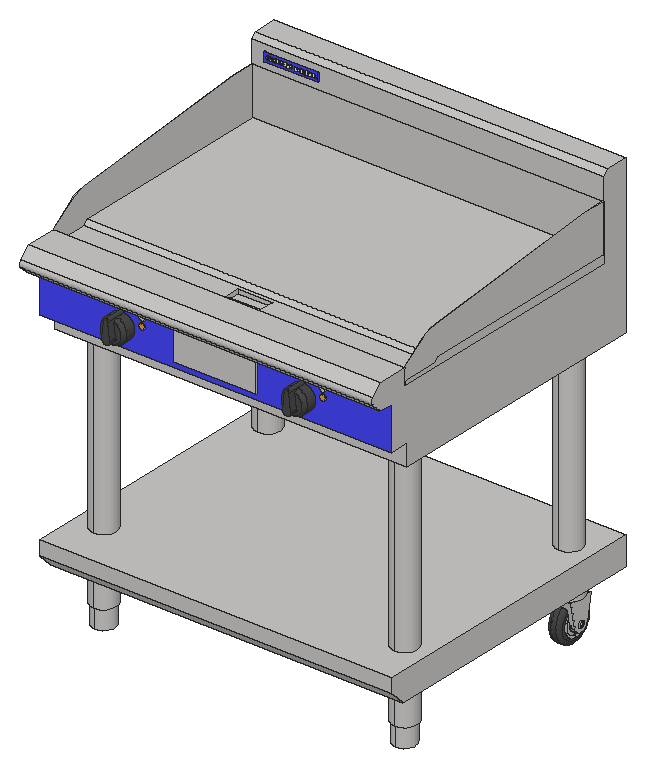
Revit family "QF_MOFFAT_BLUESEAL_CE_EP516-LS", category Specialty Equipment, Revit 2012
Parameters
  Weight in Pounds = 275  # constant formula
  Width [instance] = 900 mm  # constant formula
  Watts = 12000 W
  Volts = 400 V
  URL Cutsheet = "www.moffat.com"
  URL = "www.moffat.com"
  Type Mark [instance] = ""
  Status [instance] = ""
  Specification by User [instance] = ""
  Specification by Manufacturer = ""
  Show Logo [instance] = yes
  Show Casters [instance] = yes
  Serial Number = ""
  Seismic Rating = ""
  SMACNA No = ""
  Revision Code [instance] = ""
  Phase = 3
  Omniclass Number and Title = ""
  Number of Poles = 1
  NAFEM Spec ID Number = ""
  Model = "EP516-LS"
  Min Ckt Ampacity = 0 A
  Max Overcurrent Protection = 0 A
  Masterspec = ""
  Manufacturer = "MOFFAT BLUESEAL"
  Legs [instance] = not(Show Casters)  # no
  Item Number [instance] = ""
  Installed By [instance] = ""
  Identify Quantity as Lot [instance] = yes
  Height = 970 mm  # constant formula
  HP = ""
  Furnished By [instance] = ""
  Foodservice Equipment Identifier [instance] = yes
  FL Amps = 30 A
  Electrical Remarks = "16.6A PER PHASE"
  Elec Conn RI Height = 0 mm
  Elec Conn Connection Height = 0 mm
  Description = "900MM ELECTRIC GRIDDLE PLATE ON LEG STAND"
  Depth [instance] = 812 mm  # constant formula
  Cycle = 50 Hz
  Conn Plug = ""
  Conn Conduit = yes
  CSI MasterFormat = ""
  CSI Master Format = ""
  Back Splash [instance] = 215 mm  # constant formula
  Apparent Power = if(Phase = 3, Volts * FL Amps * 1.73, Volts * FL Amps)  # 20760 VA
Reference planes
  plane 1 "BACK": y = 0
  plane 2: z = 0
  plane 3 "LEFT": x = 0
  plane 4 "RIGHT": x = 900
  plane 5 "FRONT": y = -812
  plane 6 "TOP": z = 970
  plane 7 "Center Y": x = 450
  plane 8 "Center X": y = -406
  plane 9 "Base Height": z = 150
  plane 10: z = 915
  plane 11: y = -625
  plane 12: y = -100
  plane 13: x = 770
  plane 14: z = 710
  plane 15: y = -32
  plane 16: z = 1085
  plane 17: z = 740
  plane 18: x = 65.5
  plane 19: x = 834.5
Forms (mm)
  Extrusion 1, solid, material "QF_Finishes_Stainless Steel"
    sketch origin (0, 0, 0) x (0, 1, 0) y (0, 0, 1)
      loop
        line (0, 222.5) -> (-749, 222.5) -> (-749, 186) -> (-713, 150) -> (0, 150) -> (0, 222.5)
      loop
        line (0, 685) -> (0, 1085) -> (-57.5, 1085) -> (-70, 1072.5) -> (-70, 875) -> (-705, 875) -> (-705, 915) -> (-783.97, 915) -> (-808.485, 890.485)
        arc (-808.485, 890.485) -> (-811.999, 882) -> (-808.485, 873.515) r 12
        line (-808.485, 873.515) -> (-784.97, 850) -> (-749, 850) -> (-749, 740) -> (-699, 740) -> (-699, 685) -> (0, 685)
    from 0 to 900
  Revolve 2, solid, material "QF_Finishes_Stainless Steel", visible <- "Legs"
    sketch origin (834.5, -210, 0) x (0, 1, 0) y (0, 0, -1)
      loop
        line (78.25, -150) -> (110, -150) -> (110, 0) -> (82.5, 0) -> (82.5, -50) -> (78.25, -50) -> (78.25, -150)
      axis (110, -150) -> (110, 0)
    angle from 0 to 360
  Revolve 3, solid, material "QF_Finishes_Stainless Steel"
    sketch origin (834.5, -735, 0) x (0, 1, 0) y (0, 0, -1)
      loop
        line (78.25, -150) -> (110, -150) -> (110, 0) -> (82.5, 0) -> (82.5, -50) -> (78.25, -50) -> (78.25, -150)
      axis (110, -150) -> (110, 0)
    angle from 0 to 360
  Revolve 4, solid, material "QF_Finishes_Stainless Steel", visible <- "Legs"
    sketch origin (65, -210, 0) x (0, 1, 0) y (0, 0, -1)
      loop
        line (78.25, -150) -> (110, -150) -> (110, 0) -> (82.5, 0) -> (82.5, -50) -> (78.25, -50) -> (78.25, -150)
      axis (110, -150) -> (110, 0)
    angle from 0 to 360
  Revolve 5, solid, material "QF_Finishes_Stainless Steel"
    sketch origin (65, -735, 0) x (0, 1, 0) y (0, 0, -1)
      loop
        line (78.25, -150) -> (110, -150) -> (110, 0) -> (82.5, 0) -> (82.5, -50) -> (78.25, -50) -> (78.25, -150)
      axis (110, -150) -> (110, 0)
    angle from 0 to 360
  Revolve 6, solid, material "QF_Finishes_Black"
    sketch origin (217.5, 7, 597.8) x (0, 1, 0) y (0, 0, -1)
      loop
        line (-789, -229.5) -> (-766, -229.5) -> (-766, -202) -> (-756, -202) -> (-756, -197) -> (-800, -197) -> (-800, -223.651) -> (-789, -229.5)
      axis (-800, -197) -> (-756, -197)
    angle from 0 to 360
  Extrusion 7, solid, material "QF_Finishes_Black"
    sketch origin (205.851, 0, 597.958) x (-1, 0, 0) y (0, 0, -1)
      loop
        line (-22.15, -186.037) -> (-16.729, -228.955)
        arc (-16.729, -228.955) -> (-11.73, -233.842) -> (-6.732, -228.955) r 5
        line (-6.732, -228.955) -> (-1.243, -184.87)
        arc (-1.243, -184.87) -> (-12.315, -174.371) -> (-22.15, -186.037) r 10.487
    from 759 to 808
  Extrusion 8, solid, material "QF_Finishes_Stainless Steel"
    sketch origin (0, -749, 866) x (0, 0, -1) y (1, 0, 0)
      loop
        line (25.201, 345) -> (112.1, 345) -> (112.1, 555) -> (25.201, 555) -> (25.201, 345)
    from 0 to 2.5
  Extrusion 9, solid, material "QF_Finishes_Stainless Steel"
    sketch origin (0, -751.5, 866) x (0, 0, -1) y (1, 0, 0)
      loop
        line (32.201, 555) -> (25.201, 555) -> (25.201, 345) -> (32.201, 345) -> (32.201, 555)
    from 0 to 5
  Extrusion 10, void
    sketch origin (0, -756, 740) x (1, 0, 0) y (0, -1, 0)
      loop
        circle (769.998, -724) r 10
    from 0 to 86.329
  Extrusion 11, solid, material "QF_Finishes_Stainless Steel"
    sketch origin (0, -749, 850) x (0, 0, -1) y (1, 0, 0)
      loop
        circle (45.2, 262.505) r 7.15
    from 0 to 1
  Extrusion 12, solid, material "QF_Finishes_Stainless Steel"
    sketch origin (0, 0, 222.5) x (0, -1, 0) y (1, 0, 0)
      loop
        circle (100, 65) r 31.75
      loop
        circle (625, 65) r 31.75
      loop
        circle (100, 835) r 31.75
      loop
        circle (625, 835) r 31.75
    from 0 to 462.5
  Revolve 13, solid, material "QF_Finishes_Stainless Steel", visible <- "Legs"
    sketch origin (65.5, -166, 0) x (0, 1, 0) y (0, 0, 1)
      loop
        line (34.25, 150) -> (34.25, 50) -> (38.5, 50) -> (38.5, 0) -> (66, 0) -> (66, 150) -> (34.25, 150)
      axis (66, 150) -> (66, 0)
    angle from 0 to 360
  Revolve 14, solid, material "QF_Finishes_Stainless Steel", visible <- "Legs"
    sketch origin (835, -166, 0) x (0, 1, 0) y (0, 0, -1)
      loop
        line (34.25, -150) -> (66, -150) -> (66, 0) -> (38.5, 0) -> (38.5, -50) -> (34.25, -50) -> (34.25, -150)
      axis (66, -150) -> (66, 0)
    angle from 0 to 360
  Revolve 15, solid, material "QF_Finishes_Stainless Steel", visible <- "Show Casters"
    sketch origin (16.276, -100.755, -13.653) x (1, 0, 0) y (0, 0, 1)
      loop
        line (14.841, 63.604) -> (83.584, 63.604) -> (83.584, 67.109) -> (82.314, 68.379) -> (80.79, 68.379) -> (80.79, 71.826) -> (68.644, 71.826) -> (68.644, 81.79) -> (65.088, 83.843) -> (63.738, 92.179) -> (65.881, 92.179) -> (65.881, 98.529) -> (65.088, 98.529) -> (65.088, 104.879)
        arc (65.088, 104.879) -> (62.298, 111.614) -> (55.563, 114.404) r 9.525
        line (55.563, 114.404) -> (42.863, 114.404)
        arc (42.863, 114.404) -> (36.127, 111.614) -> (33.338, 104.879) r 9.525
        line (33.338, 104.879) -> (33.338, 98.529) -> (32.544, 98.529) -> (32.544, 92.179) -> (34.687, 92.179) -> (33.352, 83.932) -> (29.782, 81.871) -> (29.782, 71.826) -> (17.635, 71.826) -> (17.635, 68.379) -> (16.111, 68.379) -> (14.841, 67.109) -> (14.841, 63.604)
      axis (14.841, 63.604) -> (83.584, 63.604)
    angle from 0 to 360
  Extrusion 16, solid, material "QF_Finishes_Stainless Steel", visible <- "Show Casters"
    sketch origin (72.001, 132.353, -8.783) x (0, 1, 0) y (0, 0, 1)
      loop
        line (-200.603, 118.783) -> (-264.103, 118.783) -> (-251.746, 53.895)
        arc (-251.746, 53.895) -> (-232.353, 38.783) -> (-212.959, 53.895) r 20
        line (-212.959, 53.895) -> (-200.603, 118.783)
    from -35.667 to 22.923
  Revolve 17, solid, material "QF_Finishes_Stainless Steel", visible <- "Show Casters"
    sketch origin (65.5, -204, 0) x (0, 1, 0) y (0, 0, 1)
      loop
        line (68.25, 150) -> (68.25, 110) -> (104, 110) -> (104, 150) -> (68.25, 150)
      axis (104, 150) -> (104, 110)
    angle from 0 to 360
  Revolve 18, solid, material "QF_Finishes_Stainless Steel", visible <- "Legs"
    sketch origin (65.5, -166, 0) x (0, 1, 0) y (0, 0, 1)
      loop
        line (34.25, 150) -> (34.25, 50) -> (38.5, 50) -> (38.5, 0) -> (66, 0) -> (66, 150) -> (34.25, 150)
      axis (66, 150) -> (66, 0)
    angle from 0 to 360
  Extrusion 19, solid, material "QF_Finishes_Stainless Steel", visible <- "Show Casters"
    sketch origin (841.501, 132.353, -8.783) x (0, 1, 0) y (0, 0, 1)
      loop
        line (-200.603, 118.783) -> (-264.103, 118.783) -> (-251.746, 53.895)
        arc (-251.746, 53.895) -> (-232.353, 38.783) -> (-212.959, 53.895) r 20
        line (-212.959, 53.895) -> (-200.603, 118.783)
    from -35.667 to 22.923
  Revolve 20, solid, material "QF_Finishes_Stainless Steel", visible <- "Show Casters"
    sketch origin (835, -204, 0) x (0, 1, 0) y (0, 0, 1)
      loop
        line (68.25, 150) -> (68.25, 110) -> (104, 110) -> (104, 150) -> (68.25, 150)
      axis (104, 150) -> (104, 110)
    angle from 0 to 360
  Extrusion 21, solid, material "QF_Finishes_Stainless Steel"
    sketch origin (0, -749, 850) x (0, 0, -1) y (1, 0, 0)
      loop
        circle (25.2, 262.505) r 7.15
    from 0 to 1
  Revolve 22, solid, material "QF_Finishes_Stainless Steel", visible <- "Show Casters"
    sketch origin (786.276, -100.755, -13.653) x (1, 0, 0) y (0, 0, 1)
      loop
        line (14.841, 63.604) -> (83.584, 63.604) -> (83.584, 67.109) -> (82.314, 68.379) -> (80.79, 68.379) -> (80.79, 71.826) -> (68.644, 71.826) -> (68.644, 81.79) -> (65.088, 83.843) -> (63.738, 92.179) -> (65.881, 92.179) -> (65.881, 98.529) -> (65.088, 98.529) -> (65.088, 104.879)
        arc (65.088, 104.879) -> (62.298, 111.614) -> (55.563, 114.404) r 9.525
        line (55.563, 114.404) -> (42.863, 114.404)
        arc (42.863, 114.404) -> (36.127, 111.614) -> (33.338, 104.879) r 9.525
        line (33.338, 104.879) -> (33.338, 98.529) -> (32.544, 98.529) -> (32.544, 92.179) -> (34.687, 92.179) -> (33.352, 83.932) -> (29.782, 81.871) -> (29.782, 71.826) -> (17.635, 71.826) -> (17.635, 68.379) -> (16.111, 68.379) -> (14.841, 67.109) -> (14.841, 63.604)
      axis (14.841, 63.604) -> (83.584, 63.604)
    angle from 0 to 360
  Extrusion 23, solid, material "QF_Finishes_Stainless Steel"
    sketch origin (462.616, -749, 850) x (0, 0, -1) y (1, 0, 0)
      loop
        circle (45.2, 262.505) r 7.15
    from 0 to 1
  Extrusion 24, solid, material "QF_Finishes_Stainless Steel"
    sketch origin (462.616, -749, 850) x (0, 0, -1) y (1, 0, 0)
      loop
        circle (25.2, 262.505) r 7.15
    from 0 to 1
  Revolve 25, solid, material "QF_Finishes_Black"
    sketch origin (680.116, 7, 597.8) x (0, 1, 0) y (0, 0, -1)
      loop
        line (-789, -229.5) -> (-766, -229.5) -> (-766, -202) -> (-756, -202) -> (-756, -197) -> (-800, -197) -> (-800, -223.651) -> (-789, -229.5)
      axis (-800, -197) -> (-756, -197)
    angle from 0 to 360
  Extrusion 26, solid, material "QF_Finishes_Black"
    sketch origin (668.467, 0, 597.958) x (-1, 0, 0) y (0, 0, -1)
      loop
        line (-22.15, -186.037) -> (-16.729, -228.955)
        arc (-16.729, -228.955) -> (-11.73, -233.842) -> (-6.732, -228.955) r 5
        line (-6.732, -228.955) -> (-1.243, -184.87)
        arc (-1.243, -184.87) -> (-12.315, -174.371) -> (-22.15, -186.037) r 10.487
    from 759 to 808
Cuts and joins
  joined: Extrusion 8, Extrusion 9
  Extrusion 10 cuts Extrusion 1
Lines and regions (mm)
  Split face 1
    outline origin (900, 0, 1085) x (-1, 0, 0) y (0, -1, 0)
      loop
        arc (624, 45.385) -> (615.34, 40.385) -> (615.34, 30.385) r 10
        line (615.34, 30.385) -> (619.381, 23.385)
        arc (619.381, 23.385) -> (623.041, 19.725) -> (628.041, 18.385) r 10
        line (628.041, 18.385) -> (856, 18.385)
        arc (856, 18.385) -> (864.66, 23.385) -> (864.66, 33.385) r 10
        line (864.66, 33.385) -> (860.619, 40.385)
        arc (860.619, 40.385) -> (856.959, 44.045) -> (851.959, 45.385) r 10
        line (851.959, 45.385) -> (624, 45.385)
  Split face 2
    outline origin (900, 0, 1085) x (-1, 0, 0) y (0, -1, 0)
      loop
        arc (34, 45.385) -> (25.34, 40.385) -> (25.34, 30.385) r 10
        line (25.34, 30.385) -> (29.381, 23.385)
        arc (29.381, 23.385) -> (33.041, 19.725) -> (38.041, 18.385) r 10
        line (38.041, 18.385) -> (266, 18.385)
        arc (266, 18.385) -> (274.66, 23.385) -> (274.66, 33.385) r 10
        line (274.66, 33.385) -> (270.619, 40.385)
        arc (270.619, 40.385) -> (266.959, 44.045) -> (261.959, 45.385) r 10
        line (261.959, 45.385) -> (34, 45.385)
  Split face 3
    outline origin (900, 0, 1085) x (-1, 0, 0) y (0, -1, 0)
      loop
        line (336.021, 18.385) -> (563.979, 18.385)
        arc (563.979, 18.385) -> (572.64, 23.385) -> (572.64, 33.385) r 10
        line (572.64, 33.385) -> (568.598, 40.385)
        arc (568.598, 40.385) -> (564.938, 44.045) -> (559.938, 45.385) r 10
        line (559.938, 45.385) -> (331.979, 45.385)
        arc (331.979, 45.385) -> (323.319, 40.385) -> (323.319, 30.385) r 10
        line (323.319, 30.385) -> (327.36, 23.385)
        arc (327.36, 23.385) -> (331.021, 19.725) -> (336.021, 18.385) r 10
  Split face 4
    outline origin (495, -751.5, 753.9) x (1, 0, 0) y (0, 0, 1)
      loop
        arc (-38, 69) -> (-34, 73) -> (-38, 77) r 4
        line (-38, 77) -> (-52, 77)
        arc (-52, 77) -> (-56, 73) -> (-52, 69) r 4
        line (-52, 69) -> (-38, 69)
  symbolic lines
    curve 1: line (0, 0, 0) -> (0, -812, 0)
    curve 2: line (900, 0, 0) -> (0, 0, 0)
    curve 3: line (900, -812, 0) -> (900, 0, 0)
    curve 4: line (0, -70, 0) -> (900, -70, 0)
    curve 5: line (0, -812, 0) -> (900, -812, 0)
    curve 10: line (0, -57.5, 0) -> (900, -57.5, 0)
    curve 11: line (0, -783.97, 0) -> (900, -783.97, 0)
    curve 12: line (634, -18.385, 0) -> (861.959, -18.385, 0)
    curve 13: arc (861.959, -18.385, 0) -> (866.959, -19.725, 0) -> (870.619, -23.385, 0) r 10
    curve 14: line (870.619, -23.385, 0) -> (874.66, -30.385, 0)
    curve 15: arc (874.66, -30.385, 0) -> (874.66, -40.385, 0) -> (866, -45.385, 0) r 10
    curve 16: line (866, -45.385, 0) -> (638.041, -45.385, 0)
    curve 17: arc (638.041, -45.385, 0) -> (633.041, -44.045, 0) -> (629.381, -40.385, 0) r 10
    curve 18: line (629.381, -40.385, 0) -> (625.34, -33.385, 0)
    curve 19: arc (625.34, -33.385, 0) -> (625.34, -23.385, 0) -> (634, -18.385, 0) r 10
    curve 24: line (336.021, -18.385, 0) -> (563.979, -18.385, 0)
    curve 25: arc (563.979, -18.385, 0) -> (568.979, -19.725, 0) -> (572.64, -23.385, 0) r 10
    curve 26: line (572.64, -23.385, 0) -> (576.681, -30.385, 0)
    curve 27: arc (576.681, -30.385, 0) -> (576.681, -40.385, 0) -> (568.021, -45.385, 0) r 10
    curve 28: line (568.021, -45.385, 0) -> (340.062, -45.385, 0)
    curve 29: arc (340.062, -45.385, 0) -> (335.062, -44.045, 0) -> (331.402, -40.385, 0) r 10
    curve 30: line (331.402, -40.385, 0) -> (327.36, -33.385, 0)
    curve 31: arc (327.36, -33.385, 0) -> (327.36, -23.385, 0) -> (336.021, -18.385, 0) r 10
    curve 32: line (44, -18.385, 0) -> (271.959, -18.385, 0)
    curve 33: arc (271.959, -18.385, 0) -> (276.959, -19.725, 0) -> (280.619, -23.385, 0) r 10
    curve 34: line (280.619, -23.385, 0) -> (284.66, -30.385, 0)
    curve 35: arc (284.66, -30.385, 0) -> (284.66, -40.385, 0) -> (276, -45.385, 0) r 10
    curve 36: line (276, -45.385, 0) -> (48.041, -45.385, 0)
    curve 37: arc (48.041, -45.385, 0) -> (43.041, -44.045, 0) -> (39.381, -40.385, 0) r 10
    curve 38: line (39.381, -40.385, 0) -> (35.34, -33.385, 0)
    curve 39: arc (35.34, -33.385, 0) -> (35.34, -23.385, 0) -> (44, -18.385, 0) r 10
  symbolic lines, style "SpecialityEquipmentHiddenLines", visible <- "Show Casters"
    curve 6: line (78.456, -46.735, 0) -> (105.952, -62.61, 0)
    curve 7: line (27.656, -134.723, 0) -> (78.456, -46.735, 0)
    curve 8: line (55.152, -150.598, 0) -> (27.656, -134.723, 0)
    curve 9: line (105.952, -62.61, 0) -> (55.152, -150.598, 0)
    curve 20: line (847.956, -46.735, 0) -> (875.452, -62.61, 0)
    curve 21: line (797.156, -134.723, 0) -> (847.956, -46.735, 0)
    curve 22: line (824.652, -150.598, 0) -> (797.156, -134.723, 0)
    curve 23: line (875.452, -62.61, 0) -> (824.652, -150.598, 0)
Dimensions and locks
  equal spacing: plane 3 "LEFT", plane 7 "Center Y", plane 4 "RIGHT"
  "Width": plane 3 "LEFT" to plane 4 "RIGHT"
  equal spacing: plane 5 "FRONT", plane 8 "Center X", plane 1 "BACK"
  "Depth": plane 5 "FRONT" to plane 1 "BACK"
  locked: plane 10 to level at 915
  locked: plane 9 "Base Height" to level at 150
  plane 6 "TOP" to plane 10 = 55 mm
  plane 11 to plane 12 = 525 mm
  plane 13 to plane 4 "RIGHT" = 130 mm
  plane 14 to level = 710 mm
  plane 15 to plane 1 "BACK" = 32 mm
  plane 16 to plane 2 = 1085 mm
  Revolve 15 sketch curve to Revolve 15 sketch curve = 50.8 mm
  Extrusion 10 sketch curve to plane 1 "BACK" = 32 mm
  plane 17 to plane 2 = 740 mm
  Revolve 22 sketch curve to Revolve 22 sketch curve = 50.8 mm
  aligned and locked: level to plane 2
Automatic sketch dimensions
  plane 1 "BACK" to curve 1 = 0 mm
  curve 1 to plane 3 "LEFT" = 0 mm
  curve 5 to plane 4 "RIGHT" = 0 mm
  plane 5 "FRONT" to curve 5 = 0 mm
  plane 3 "LEFT" to curve 7 = 27.656 mm
  curve 39 to plane 15 = 1.385 mm
  curve 38 to plane 15 = 8.385 mm
  curve 38 to curve 38 = 4.041 mm
  plane 15 to curve 32 = 13.615 mm
  curve 39 to curve 32 = 8.66 mm
  curve 37 to plane 15 = 3.385 mm
  curve 39 to curve 37 = 4.041 mm
  curve 6 to curve 32 = 166.007 mm
  curve 33 to curve 35 = 4.041 mm  (x2)
  plane 15 to curve 33 = 8.615 mm
  curve 33 to curve 33 = 8.66 mm
  plane 15 to curve 35 = 1.615 mm
  curve 30 to plane 15 = 1.385 mm
  curve 34 to curve 30 = 42.7 mm
  curve 30 to plane 15 = 8.385 mm
  curve 30 to curve 30 = 4.041 mm
  plane 15 to curve 31 = 13.615 mm
  curve 31 to curve 31 = 8.66 mm
  curve 30 to curve 29 = 8.66 mm
  plane 7 "Center Y" to curve 24 = 113.979 mm
  curve 27 to plane 15 = 3.385 mm
  curve 25 to curve 27 = 4.041 mm
  plane 15 to curve 26 = 8.615 mm
  curve 25 to curve 26 = 8.66 mm
  plane 15 to curve 26 = 1.615 mm
  curve 26 to curve 26 = 4.041 mm
  curve 18 to plane 15 = 1.385 mm
  curve 27 to curve 18 = 48.659 mm
  curve 18 to plane 15 = 8.385 mm
  curve 19 to curve 18 = 4.041 mm
  plane 15 to curve 12 = 13.615 mm
  curve 19 to curve 12 = 8.66 mm
  curve 17 to curve 16 = 8.66 mm
  plane 13 to curve 22 = 27.156 mm
  curve 13 to curve 16 = 4.041 mm
  plane 15 to curve 13 = 8.615 mm
  curve 13 to curve 13 = 8.66 mm
  plane 15 to curve 15 = 1.615 mm
  curve 13 to curve 15 = 4.041 mm
  curve 11 to plane 5 "FRONT" = 28.03 mm
  curve 23 to plane 12 = 50.598 mm
  curve 9 to plane 12 = 50.598 mm
  curve 8 to curve 7 = 15.875 mm
  curve 22 to curve 21 = 15.875 mm
  curve 4 to curve 20 = 7.39 mm
  curve 4 to curve 10 = 12.5 mm
  curve 15 to plane 15 = 13.385 mm
  Extrusion 1 sketch curve to plane 10 = 0 mm
  Extrusion 1 sketch curve to plane 17 = 0 mm
  Extrusion 1 sketch curve to plane 9 "Base Height" = 0 mm
  Extrusion 1 sketch curve to plane 16 = 0 mm
  Extrusion 1 sketch curve to plane 1 "BACK" = 0 mm  (x2)
  Extrusion 1 sketch curve to plane 15 = 25.5 mm
  plane 12 to Extrusion 1 sketch curve = 30 mm
  Extrusion 1 sketch curve to plane 14 = 25 mm
  Extrusion 1 sketch curve to plane 11 = 74 mm
  Extrusion 1 sketch curve to plane 10 = 40 mm
  Extrusion 1 sketch curve to plane 11 = 80 mm
  Extrusion 1 sketch curve to plane 11 = 88 mm
  Extrusion 1 sketch curve to Extrusion 1 sketch curve = 44 mm
  Extrusion 1 sketch curve to Extrusion 1 sketch curve = 36 mm
  Extrusion 1 sketch curve to plane 5 "FRONT" = 28.03 mm
  Extrusion 1 sketch curve to plane 5 "FRONT" = 27.03 mm
  Extrusion 1 sketch curve to plane 5 "FRONT" = 12.001 mm
  Extrusion 1 sketch curve to plane 5 "FRONT" = 3.515 mm  (x2)
  plane 9 "Base Height" to Extrusion 1 sketch curve = 36 mm
  Extrusion 1 sketch curve to Extrusion 1 sketch curve = 36.5 mm
  Extrusion 1 sketch curve to plane 10 = 65 mm
  Extrusion 1 sketch curve to Extrusion 1 sketch curve = 23.515 mm
  Extrusion 1 sketch curve to Extrusion 1 sketch curve = 8.485 mm
  Extrusion 1 sketch curve to plane 16 = 12.5 mm
  Revolve 2 sketch curve to plane 9 "Base Height" = 0 mm
  Revolve 2 sketch curve to level = 0 mm
  Revolve 2 sketch curve to plane 12 = 0 mm  (x2)
  Revolve 2 sketch curve to Revolve 2 sketch curve = 27.5 mm
  Revolve 2 sketch curve to Revolve 2 sketch curve = 31.75 mm
  level to Revolve 2 sketch curve = 50 mm
  Revolve 2 sketch curve to Revolve 2 sketch curve = 0 mm
  Revolve 2 sketch curve to Revolve 2 sketch curve = 55 mm
  Revolve 3 sketch curve to plane 9 "Base Height" = 0 mm
  Revolve 3 sketch curve to level = 0 mm
  Revolve 3 sketch curve to plane 11 = 0 mm  (x2)
  Revolve 3 sketch curve to plane 11 = 27.5 mm
  Revolve 3 sketch curve to plane 11 = 31.75 mm
  level to Revolve 3 sketch curve = 50 mm
  Revolve 3 sketch curve to Revolve 3 sketch curve = 0 mm
  Revolve 3 sketch curve to Revolve 3 sketch curve = 55 mm
  Revolve 4 sketch curve to plane 9 "Base Height" = 0 mm
  Revolve 4 sketch curve to level = 0 mm
  Revolve 4 sketch curve to plane 12 = 0 mm  (x2)
  Revolve 4 sketch curve to plane 12 = 27.5 mm
  Revolve 4 sketch curve to plane 12 = 31.75 mm
  level to Revolve 4 sketch curve = 50 mm
  Revolve 4 sketch curve to Revolve 4 sketch curve = 0 mm
  Revolve 4 sketch curve to Revolve 4 sketch curve = 55 mm
  Revolve 5 sketch curve to plane 9 "Base Height" = 0 mm
  Revolve 5 sketch curve to level = 0 mm
  Revolve 5 sketch curve to plane 11 = 0 mm  (x2)
  Revolve 5 sketch curve to plane 11 = 27.5 mm
  Revolve 5 sketch curve to plane 11 = 31.75 mm
  level to Revolve 5 sketch curve = 50 mm
  Revolve 5 sketch curve to Revolve 5 sketch curve = 0 mm
  Revolve 5 sketch curve to Revolve 5 sketch curve = 55 mm
  Revolve 6 sketch curve to plane 5 "FRONT" = 19 mm
  Revolve 6 sketch curve to Revolve 6 sketch curve = 0 mm  (x2)
  Revolve 6 sketch curve to Revolve 6 sketch curve = 11 mm
  Revolve 6 sketch curve to Revolve 6 sketch curve = 12.7 mm
  Revolve 6 sketch curve to Revolve 6 sketch curve = 23 mm
  Revolve 6 sketch curve to Revolve 6 sketch curve = 10 mm
  plane 17 to Revolve 6 sketch curve = 87.3 mm
  Revolve 6 sketch curve to Revolve 6 sketch curve = 5.849 mm
  Revolve 6 sketch curve to Revolve 6 sketch curve = 27.5 mm
  Revolve 6 sketch curve to Revolve 6 sketch curve = 5 mm
  plane 17 to Extrusion 7 sketch curve = 43.995 mm
  Extrusion 7 sketch curve to Extrusion 7 sketch curve = 5.421 mm
  Extrusion 7 sketch curve to Extrusion 7 sketch curve = 10.419 mm
  Extrusion 7 sketch curve to Extrusion 7 sketch curve = 4.999 mm  (x2)
  plane 17 to Extrusion 7 sketch curve = 86.913 mm
  Extrusion 7 sketch curve to Extrusion 7 sketch curve = 10.487 mm
  Extrusion 7 sketch curve to Extrusion 7 sketch curve = 0.113 mm
  Extrusion 7 sketch curve to Extrusion 7 sketch curve = 1.167 mm
  Extrusion 8 sketch curve to plane 10 = 74.201 mm
  plane 17 to Extrusion 8 sketch curve = 13.9 mm
  Extrusion 8 sketch curve to plane 7 "Center Y" = 105 mm
  plane 7 "Center Y" to Extrusion 8 sketch curve = 105 mm
  Extrusion 9 sketch curve to Extrusion 8 = 0 mm  (x2)
  Extrusion 8 to Extrusion 9 sketch curve = 0 mm
  Extrusion 9 sketch curve to Extrusion 9 sketch curve = 7 mm
  Extrusion 10 sketch curve to plane 13 = 0.002 mm
  Extrusion 1 to Extrusion 11 sketch curve = 45.2 mm
  Extrusion 1 to Extrusion 11 sketch curve = 262.505 mm
  Extrusion 12 sketch curve to plane 12 = 0 mm  (x2)
  Extrusion 12 sketch curve to plane 11 = 0 mm  (x2)
  Extrusion 12 sketch curve to Extrusion 12 sketch curve = 31.75 mm
  plane 12 to Extrusion 12 sketch curve = 31.75 mm
  plane 11 to Extrusion 12 sketch curve = 31.75 mm  (x2)
  Revolve 13 sketch curve to plane 9 "Base Height" = 0 mm
  Revolve 13 sketch curve to level = 0 mm
  Revolve 13 sketch curve to plane 12 = 0 mm  (x2)
  Revolve 13 sketch curve to plane 12 = 27.5 mm
  Revolve 13 sketch curve to plane 12 = 31.75 mm
  Revolve 13 sketch curve to Revolve 13 sketch curve = 55 mm
  level to Revolve 13 sketch curve = 50 mm
  Revolve 13 sketch curve to Revolve 13 sketch curve = 0 mm
  Revolve 14 sketch curve to plane 9 "Base Height" = 0 mm
  Revolve 14 sketch curve to level = 0 mm
  Revolve 14 sketch curve to plane 12 = 0 mm  (x2)
  Revolve 14 sketch curve to plane 12 = 27.5 mm
  Revolve 14 sketch curve to plane 12 = 31.75 mm
  level to Revolve 14 sketch curve = 50 mm
  Revolve 14 sketch curve to Revolve 14 sketch curve = 0 mm
  Revolve 14 sketch curve to Revolve 14 sketch curve = 55 mm
  plane 3 "LEFT" to Revolve 15 sketch curve = 31.118 mm
  Revolve 15 sketch curve to Revolve 15 sketch curve = 1.27 mm  (x4)
  Revolve 15 sketch curve to Revolve 15 sketch curve = 1.524 mm  (x2)
  Revolve 15 sketch curve to Revolve 15 sketch curve = 12.146 mm  (x2)
  Revolve 15 sketch curve to Revolve 15 sketch curve = 0.794 mm  (x2)
  Revolve 15 sketch curve to Revolve 15 sketch curve = 3.57 mm
  Revolve 15 sketch curve to Revolve 15 sketch curve = 2.143 mm
  Revolve 15 sketch curve to Revolve 15 sketch curve = 1.349 mm  (x2)
  Revolve 15 sketch curve to Revolve 15 sketch curve = 3.556 mm
  Revolve 15 sketch curve to Revolve 15 sketch curve = 33.32 mm
  level to Revolve 15 sketch curve = 49.952 mm
  Revolve 15 sketch curve to Revolve 15 sketch curve = 0 mm
  Revolve 15 sketch curve to Revolve 15 sketch curve = 3.505 mm  (x2)
  Revolve 15 sketch curve to Revolve 15 sketch curve = 3.447 mm  (x2)
  Revolve 15 sketch curve to Revolve 15 sketch curve = 9.964 mm
  Revolve 15 sketch curve to Revolve 15 sketch curve = 10.045 mm
  Revolve 15 sketch curve to Revolve 15 sketch curve = 2.053 mm
  Revolve 15 sketch curve to Revolve 15 sketch curve = 2.061 mm
  Revolve 15 sketch curve to Revolve 15 sketch curve = 8.247 mm
  Revolve 15 sketch curve to Revolve 15 sketch curve = 8.336 mm
  Revolve 15 sketch curve to Revolve 15 sketch curve = 6.35 mm  (x2)
  Extrusion 16 sketch curve to plane 12 = 0 mm
  Extrusion 16 sketch curve to plane 12 = 19.393 mm
  Extrusion 16 sketch curve to plane 12 = 31.75 mm
  plane 12 to Extrusion 16 sketch curve = 19.393 mm
  plane 12 to Extrusion 16 sketch curve = 31.75 mm
  level to Extrusion 16 sketch curve = 45.111 mm
  Extrusion 16 sketch curve to Extrusion 16 sketch curve = 4.889 mm
  Extrusion 16 sketch curve to plane 9 "Base Height" = 40 mm
  Revolve 17 sketch curve to plane 9 "Base Height" = 0 mm
  Revolve 17 sketch curve to plane 12 = 0 mm  (x2)
  Revolve 17 sketch curve to plane 12 = 35.75 mm
  Revolve 17 sketch curve to plane 9 "Base Height" = 40 mm
  level to Revolve 17 sketch curve = 50 mm
  Revolve 17 sketch curve to level = 55 mm
  Revolve 18 sketch curve to plane 9 "Base Height" = 0 mm
  Revolve 18 sketch curve to level = 0 mm
  Revolve 18 sketch curve to plane 12 = 0 mm  (x2)
  Revolve 18 sketch curve to plane 12 = 27.5 mm
  Revolve 18 sketch curve to Revolve 18 sketch curve = 31.75 mm
  Revolve 18 sketch curve to Revolve 18 sketch curve = 55 mm
  level to Revolve 18 sketch curve = 50 mm
  Revolve 18 sketch curve to Revolve 18 sketch curve = 0 mm
  Extrusion 19 sketch curve to plane 12 = 0 mm
  Extrusion 19 sketch curve to plane 12 = 19.393 mm
  Extrusion 19 sketch curve to plane 12 = 31.75 mm
  plane 12 to Extrusion 19 sketch curve = 19.393 mm
  plane 12 to Extrusion 19 sketch curve = 31.75 mm
  level to Extrusion 19 sketch curve = 45.111 mm
  Extrusion 19 sketch curve to Extrusion 19 sketch curve = 4.889 mm
  Extrusion 19 sketch curve to plane 9 "Base Height" = 40 mm
  Revolve 20 sketch curve to plane 9 "Base Height" = 0 mm
  Revolve 20 sketch curve to plane 12 = 0 mm  (x2)
  Revolve 20 sketch curve to Revolve 20 sketch curve = 35.75 mm
  Revolve 20 sketch curve to plane 9 "Base Height" = 40 mm
  level to Revolve 20 sketch curve = 50 mm
  Revolve 20 sketch curve to level = 55 mm
  Extrusion 1 to Extrusion 21 sketch curve = 25.2 mm
  Extrusion 1 to Extrusion 21 sketch curve = 262.505 mm
  Split face 1 sketch curve to cut or joined group of Extrusion 1, Extrusion 10 = 27.115 mm
  Split face 1 sketch curve to cut or joined group of Extrusion 1, Extrusion 10 = 284.66 mm
  Split face 1 sketch curve to cut or joined group of Extrusion 1, Extrusion 10 = 23.385 mm
  Split face 1 sketch curve to Split face 1 sketch curve = 4.041 mm  (x4)
  Split face 1 sketch curve to Split face 1 sketch curve = 8.66 mm  (x2)
  Split face 1 sketch curve to cut or joined group of Extrusion 1, Extrusion 10 = 22.115 mm
  Split face 1 sketch curve to cut or joined group of Extrusion 1, Extrusion 10 = 48.041 mm
  Split face 1 sketch curve to cut or joined group of Extrusion 1, Extrusion 10 = 17.115 mm
  Split face 1 sketch curve to Split face 1 sketch curve = 17 mm
  Split face 1 sketch curve to Split face 1 sketch curve = 7 mm
  Split face 2 sketch curve to cut or joined group of Extrusion 1, Extrusion 10 = 25.34 mm
  Split face 2 sketch curve to Split face 2 sketch curve = 4.041 mm  (x4)
  Split face 2 sketch curve to Split face 2 sketch curve = 8.66 mm  (x2)
  Split face 2 sketch curve to cut or joined group of Extrusion 1, Extrusion 10 = 22.115 mm
  Split face 2 sketch curve to Split face 2 sketch curve = 223.917 mm
  Split face 2 sketch curve to cut or joined group of Extrusion 1, Extrusion 10 = 17.115 mm
  Split face 2 sketch curve to Split face 2 sketch curve = 10 mm
  Split face 2 sketch curve to Split face 2 sketch curve = 7 mm  (x3)
  Split face 3 sketch curve to cut or joined group of Extrusion 1, Extrusion 10 = 27.115 mm
  Split face 3 sketch curve to cut or joined group of Extrusion 1, Extrusion 10 = 323.319 mm
  Split face 3 sketch curve to cut or joined group of Extrusion 1, Extrusion 10 = 23.385 mm
  Split face 3 sketch curve to Split face 3 sketch curve = 4.041 mm  (x3)
  Split face 3 sketch curve to Split face 3 sketch curve = 8.66 mm  (x3)
  Split face 3 sketch curve to cut or joined group of Extrusion 1, Extrusion 10 = 12.115 mm
  Split face 3 sketch curve to Split face 3 sketch curve = 223.917 mm
  Split face 3 sketch curve to cut or joined group of Extrusion 1, Extrusion 10 = 18.385 mm
  Split face 3 sketch curve to Split face 3 sketch curve = 10 mm
  Split face 3 sketch curve to Split face 3 sketch curve = 7 mm
  plane 13 to Revolve 22 sketch curve = 31.118 mm
  Revolve 22 sketch curve to Revolve 22 sketch curve = 1.27 mm  (x4)
  Revolve 22 sketch curve to Revolve 22 sketch curve = 1.524 mm  (x2)
  Revolve 22 sketch curve to Revolve 22 sketch curve = 12.146 mm  (x2)
  Revolve 22 sketch curve to Revolve 22 sketch curve = 0.794 mm  (x2)
  Revolve 22 sketch curve to Revolve 22 sketch curve = 3.57 mm
  Revolve 22 sketch curve to Revolve 22 sketch curve = 2.143 mm
  Revolve 22 sketch curve to Revolve 22 sketch curve = 1.349 mm  (x2)
  Revolve 22 sketch curve to Revolve 22 sketch curve = 3.556 mm
  Revolve 22 sketch curve to plane 4 "RIGHT" = 3.18 mm
  level to Revolve 22 sketch curve = 49.952 mm
  Revolve 22 sketch curve to Revolve 22 sketch curve = 0 mm
  Revolve 22 sketch curve to Revolve 22 sketch curve = 3.505 mm  (x2)
  Revolve 22 sketch curve to Revolve 22 sketch curve = 3.447 mm  (x2)
  Revolve 22 sketch curve to Revolve 22 sketch curve = 9.964 mm
  Revolve 22 sketch curve to Revolve 22 sketch curve = 10.045 mm
  Revolve 22 sketch curve to Revolve 22 sketch curve = 2.053 mm
  Revolve 22 sketch curve to Revolve 22 sketch curve = 2.061 mm
  Revolve 22 sketch curve to Revolve 22 sketch curve = 8.247 mm
  Revolve 22 sketch curve to Revolve 22 sketch curve = 8.336 mm
  Revolve 22 sketch curve to Revolve 22 sketch curve = 6.35 mm  (x2)
  Extrusion 1 to Extrusion 23 sketch curve = 45.2 mm
  Extrusion 1 to Extrusion 23 sketch curve = 174.879 mm
  Extrusion 1 to Extrusion 24 sketch curve = 25.2 mm
  Extrusion 1 to Extrusion 24 sketch curve = 174.879 mm
  cut or joined group of Extrusion 8, Extrusion 9 to Split face 4 sketch curve = 10.899 mm
  Split face 4 sketch curve to cut or joined group of Extrusion 8, Extrusion 9 = 98 mm
  Split face 4 sketch curve to Split face 4 sketch curve = 14 mm
  Split face 4 sketch curve to Split face 4 sketch curve = 4 mm
  Revolve 25 sketch curve to plane 5 "FRONT" = 19 mm
  Revolve 25 sketch curve to Revolve 25 sketch curve = 0 mm  (x2)
  Revolve 25 sketch curve to Revolve 25 sketch curve = 11 mm
  Revolve 25 sketch curve to Revolve 25 sketch curve = 12.7 mm
  Revolve 25 sketch curve to Revolve 25 sketch curve = 23 mm
  Revolve 25 sketch curve to Revolve 25 sketch curve = 10 mm
  plane 17 to Revolve 25 sketch curve = 87.3 mm
  Revolve 25 sketch curve to Revolve 25 sketch curve = 5.849 mm
  Revolve 25 sketch curve to Revolve 25 sketch curve = 27.5 mm
  Revolve 25 sketch curve to Revolve 25 sketch curve = 5 mm
  Extrusion 26 sketch curve to plane 13 = 79.384 mm
  Extrusion 26 sketch curve to Extrusion 26 sketch curve = 5.421 mm
  Extrusion 26 sketch curve to Extrusion 26 sketch curve = 10.419 mm
  Extrusion 26 sketch curve to Extrusion 26 sketch curve = 4.999 mm  (x2)
  plane 17 to Extrusion 26 sketch curve = 86.913 mm
  Extrusion 26 sketch curve to Extrusion 26 sketch curve = 10.487 mm
  Extrusion 26 sketch curve to Extrusion 26 sketch curve = 0.113 mm
  Extrusion 26 sketch curve to Extrusion 26 sketch curve = 42.919 mm
  Extrusion 26 sketch curve to Extrusion 26 sketch curve = 1.167 mm
  plane 3 "LEFT" to curve 39 = 35.34 mm
  curve 7 to curve 8 = 27.496 mm
  curve 6 to plane 15 = 14.735 mm
  Extrusion 7 sketch curve to plane 7 "Center Y" = 222 mm
  plane 3 "LEFT" to Extrusion 12 sketch curve = 65 mm  (x2)
  Revolve 15 sketch curve to Revolve 15 sketch curve = 0.808 mm
  Revolve 15 sketch curve to Revolve 15 sketch curve = 9.525 mm
  Revolve 15 sketch curve to Revolve 15 sketch curve = 24.572 mm
  Revolve 15 sketch curve to Revolve 15 sketch curve = 12.7 mm
  Revolve 15 sketch curve to Revolve 15 sketch curve = 8.176 mm
  curve 21 to curve 23 = 27.496 mm
  curve 21 to plane 15 = 14.735 mm
  curve 20 to curve 12 = 14.003 mm
  Extrusion 12 sketch curve to Extrusion 12 sketch curve = 0 mm  (x2)
  plane 4 "RIGHT" to Extrusion 12 sketch curve = 65 mm  (x2)
  Revolve 22 sketch curve to Revolve 22 sketch curve = 0.808 mm
  Revolve 22 sketch curve to Revolve 22 sketch curve = 9.525 mm
  Revolve 22 sketch curve to Revolve 22 sketch curve = 24.572 mm
  Revolve 22 sketch curve to Revolve 22 sketch curve = 12.7 mm
  Revolve 22 sketch curve to Revolve 22 sketch curve = 8.176 mm
  radius of Extrusion 10 sketch curve = 10 mm
  radius of Extrusion 11 sketch curve = 7.15 mm
  radius of Extrusion 21 sketch curve = 7.15 mm
  radius of Extrusion 23 sketch curve = 7.15 mm
  radius of Extrusion 24 sketch curve = 7.15 mm
Nested families
  nested 1: "ELECTRIC GRIDDLE PLATE" at (0, -70, 874.5), type "ELECTRIC GRIDDLE PLATE"
    with Type Mark "", Status "", Specification by User "", Revision Code "", Item Number "", Installed By "", Identify Quantity as Lot yes, Furnished By "", Foodservice Equipment Identifier yes
  nested 2: "WALDORF LOGO_FACE BASE" at (32, -70, 1056.885) x (1, 0, 0) z (0, -1, 0), visible <- "Show Logo", type "WALDORF LOGO_FACE BASE", detail levels medium+fine
    with Show Logo yes
Connectors
  electrical at (769.998, -32, 740), driven by "Volts", driven by "Watts"
    settings: on cut or joined group of Extrusion 1, Extrusion 10, index 1, voltage 400 V, apparent load 12000 VA, apparent load phase1 0 VA, apparent load phase2 0 VA, apparent load phase3 0 VA, power factor 1, load classification "Other", number of poles 1, system type 30, power factor state 1, is connector primary yes, connector utility no, sub classification motor no, connector description "ELECTRICAL CONNECTION"
Definition of nested family "ELECTRIC GRIDDLE PLATE"
  Parameters (values of type "ELECTRIC GRIDDLE PLATE")
    Weight in Pounds = 0
    URL Cutsheet = ""
    Type Mark [instance] = ""
    Status [instance] = ""
    Specification by User [instance] = ""
    Specification by Manufacturer = ""
    Serial Number = ""
    Seismic Rating = ""
    SMACNA No = ""
    Revision Code [instance] = ""
    Omniclass Number and Title = ""
    NAFEM Spec ID Number = ""
    Masterspec = ""
    Item Number [instance] = ""
    Installed By [instance] = ""
    Identify Quantity as Lot [instance] = yes
    Furnished By [instance] = ""
    Foodservice Equipment Identifier [instance] = yes
    CSI MasterFormat = ""
    CSI Master Format = ""
  Reference planes
    plane 1 "BACK": y = 0
    plane 2: z = 0
    plane 3 "LEFT": x = 0
    plane 4 "RIGHT": x = 900
    plane 5 "FRONT": y = -635
    plane 6 "TOP": z = 142.5
    plane 7 "Center Y": x = 450
    plane 8 "Center X": y = -317.5
  Forms (mm)
    Extrusion 1, solid, material "QF_Finishes_Stainless Steel"
      sketch origin (0, 70.003, -874.5) x (0, 1, 0) y (0, 0, 1)
        loop
          line (-70, 875) -> (-70, 1017) -> (-127.048, 1017) -> (-605.133, 971.023)
          arc (-605.133, 971.023) -> (-630.16, 965.303) -> (-652.906, 953.399) r 100
          line (-652.906, 953.399) -> (-705.003, 916.5) -> (-705.003, 875) -> (-70, 875)
      from 0 to 1.8
    Extrusion 2, solid, material "QF_Finishes_Stainless Steel"
      sketch origin (900, 0, 0) x (0, -1, 0) y (0, 0, 1)
        loop
          line (57.045, 142.5) -> (-0.003, 142.5) -> (-0.003, 0.5) -> (635, 0.5) -> (635, 42) -> (582.903, 78.899)
          arc (582.903, 78.899) -> (560.157, 90.803) -> (535.13, 96.523) r 100
          line (535.13, 96.523) -> (57.045, 142.5)
      from 0 to 1.8
    Extrusion 3, solid, material "QF_Finishes_Stainless Steel"
      sketch origin (150, 70.003, -874.5) x (0, 1, 0) y (0, 0, 1)
        loop
          line (-70, 895) -> (-601, 895) -> (-611.5, 884.5) -> (-704.403, 884.5) -> (-704.403, 875) -> (-70, 875) -> (-70, 895)
      from -148.2 to 750
    Extrusion 4, void
      sketch origin (150, -541.497, 10) x (0, -1, 0) y (1, 0, 0)
        loop
          line (10.6, 344.25) -> (10.6, 255.75) -> (49.1, 255.75) -> (49.1, 344.25) -> (10.6, 344.25)
      from -41.4 to 40.142
    Extrusion 5, solid, material "QF_Finishes_Stainless Steel"
      sketch origin (150, 0.003, 211.574) x (0, 0, -1) y (1, 0, 0)
        loop
          line (69.074, -148.2) -> (191.074, -148.2) -> (191.074, 750) -> (69.074, 750) -> (69.074, -148.2)
      from 0 to 1.683
  Cuts and joins
    Extrusion 4 cuts Extrusion 3
  Lines and regions (mm)
    symbolic lines
      curve 1: line (900, -530.997, 0) -> (0, -530.997, 0)
      curve 2: line (0, -541.497, 0) -> (900, -541.497, 0)
      curve 3: line (405.75, -552.097, 0) -> (405.75, -590.597, 0)
      curve 4: line (405.75, -590.597, 0) -> (494.25, -590.597, 0)
      curve 5: line (494.25, -590.597, 0) -> (494.25, -552.097, 0)
      curve 6: line (494.25, -552.097, 0) -> (405.75, -552.097, 0)
      curve 7: line (0, 0, 0) -> (900, 0, 0)
      curve 8: line (0, -635, 0) -> (0, 0, 0)
      curve 9: line (0, -635, 0) -> (900, -635, 0)
      curve 10: line (900, -635, 0) -> (900, 0, 0)
  Dimensions and locks
    equal spacing: plane 3 "LEFT", plane 7 "Center Y", plane 4 "RIGHT"
    plane 3 "LEFT" to plane 4 "RIGHT" = 900 mm
    equal spacing: plane 5 "FRONT", plane 8 "Center X", plane 1 "BACK"
    plane 5 "FRONT" to plane 1 "BACK" = 635 mm
    aligned and locked: level to plane 2
    aligned and locked: cut or joined group of Extrusion 3, Extrusion 4 to plane 4 "RIGHT"
    aligned and locked: Extrusion 5 to plane 4 "RIGHT"
  Automatic sketch dimensions
    plane 3 "LEFT" to curve 9 = 0 mm
    curve 4 to plane 7 "Center Y" = 44.25 mm
    plane 7 "Center Y" to curve 5 = 44.25 mm
    curve 3 to plane 5 "FRONT" = 44.403 mm
    curve 3 to curve 3 = 38.5 mm
    curve 2 to plane 5 "FRONT" = 93.503 mm
    curve 2 to curve 1 = 10.5 mm
    plane 1 "BACK" to curve 8 = 0 mm
    Extrusion 1 sketch curve to plane 5 "FRONT" = 0 mm
    Extrusion 1 sketch curve to plane 6 "TOP" = 0 mm
    Extrusion 1 sketch curve to plane 5 "FRONT" = 52.097 mm
    Extrusion 1 sketch curve to plane 6 "TOP" = 45.977 mm
    Extrusion 1 sketch curve to Extrusion 1 sketch curve = 47.773 mm
    Extrusion 1 sketch curve to level = 3.016 mm
    Extrusion 1 sketch curve to Extrusion 1 sketch curve = 9.585 mm
    plane 1 "BACK" to Extrusion 1 sketch curve = 57.045 mm
    Extrusion 1 sketch curve to plane 1 "BACK" = 0.003 mm
    level to Extrusion 1 sketch curve = 0.5 mm
    Extrusion 1 sketch curve to Extrusion 1 sketch curve = 41.5 mm
    Extrusion 3 sketch curve to plane 5 "FRONT" = 0.6 mm
    level to Extrusion 3 sketch curve = 10 mm
    Extrusion 3 sketch curve to Extrusion 3 sketch curve = 92.903 mm
    Extrusion 3 sketch curve to Extrusion 3 sketch curve = 10.5 mm  (x2)
    Extrusion 3 sketch curve to plane 1 "BACK" = 0.003 mm
    level to Extrusion 3 sketch curve = 0.5 mm
    Extrusion 3 to Extrusion 4 sketch curve = 10.6 mm
    Extrusion 4 sketch curve to Extrusion 4 sketch curve = 38.5 mm
    Extrusion 3 to Extrusion 4 sketch curve = 494.25 mm
    Extrusion 4 sketch curve to Extrusion 4 sketch curve = 88.5 mm
    Extrusion 5 sketch curve to plane 6 "TOP" = 0 mm
    level to Extrusion 5 sketch curve = 20.5 mm
    plane 3 "LEFT" to Extrusion 5 sketch curve = 1.8 mm
    plane 7 "Center Y" to Extrusion 5 sketch curve = 450 mm
    plane 5 "FRONT" to curve 9 = 0 mm
    Extrusion 2 sketch curve to plane 6 "TOP" = 0 mm
    Extrusion 2 sketch curve to plane 5 "FRONT" = 0 mm
    Extrusion 2 sketch curve to plane 5 "FRONT" = 52.097 mm
    Extrusion 2 sketch curve to Extrusion 2 sketch curve = 47.773 mm
    Extrusion 2 sketch curve to level = 3.016 mm
    Extrusion 2 sketch curve to Extrusion 2 sketch curve = 57.358 mm
    plane 1 "BACK" to Extrusion 2 sketch curve = 57.045 mm
    Extrusion 2 sketch curve to plane 1 "BACK" = 0.003 mm
    level to Extrusion 2 sketch curve = 0.5 mm
    Extrusion 2 sketch curve to Extrusion 2 sketch curve = 41.5 mm
    Extrusion 2 sketch curve to plane 6 "TOP" = 63.601 mm
    curve 10 to plane 4 "RIGHT" = 0 mm
Definition of nested family "WALDORF LOGO_FACE BASE"
  Parameters (values of type "WALDORF LOGO_FACE BASE")
    Show Logo [instance] = yes
    Default Elevation = 1219.2 mm
  Reference planes
    plane 1 "Center (Front/Back)": y = 0
    plane 2: z = 0
    plane 3 "Center (Left/Right)": x = 0
  Forms (mm)
    Extrusion 1, solid
      sketch origin (0, 0, 0) x (1, 0, 0) y (0, 1, 0)
        loop
          line (-1219.2, 1219.2) -> (-1219.2, -1219.2) -> (1219.2, -1219.2) -> (1219.2, 1219.2) -> (-1219.2, 1219.2)
      from 0 to -304.8
    Extrusion 2, solid, material "QF_Finishes_Blue", visible <- "Show Logo"
      sketch origin (0, -33.217, 0) x (1, 0, 0) y (0, 1, 0)
        loop
          arc (138, 31.942) -> (137.626, 32.844) -> (136.724, 33.217) r 1.276
          line (136.724, 33.217) -> (1.29, 33.217)
          arc (1.29, 33.217) -> (0.378, 32.839) -> (0, 31.927) r 1.29
          line (0, 31.927) -> (0, 11.507)
          arc (0, 11.507) -> (0.378, 10.595) -> (1.29, 10.217) r 1.29
          line (1.29, 10.217) -> (136.71, 10.217)
          arc (136.71, 10.217) -> (137.622, 10.595) -> (138, 11.507) r 1.29
          line (138, 11.507) -> (138, 31.942)
      from 0 to 1.588
    Extrusion 3, solid, material "QF_Finishes_White", visible <- "Show Logo"
      sketch origin (0, -33.217, 1.588) x (1, 0, 0) y (0, 1, 0)
        loop
          arc (108.946, 25.919) -> (107.613, 25.367) -> (107.061, 24.034) r 1.885
          line (107.061, 24.034) -> (107.061, 17.211) -> (112.704, 17.211) -> (112.704, 19.129) -> (115.546, 19.129) -> (115.546, 17.211) -> (121.584, 17.211) -> (121.584, 24.075)
          arc (121.584, 24.075) -> (121.043, 25.379) -> (119.739, 25.919) r 1.845
          line (119.739, 25.919) -> (108.946, 25.919)
        loop
          line (123.478, 25.919) -> (123.478, 17.163) -> (134.904, 17.163) -> (134.904, 19.129) -> (129.246, 19.129) -> (129.246, 25.919) -> (123.478, 25.919)
        loop
          line (112.704, 21.258) -> (115.546, 21.258) -> (115.546, 22.702)
          arc (115.546, 22.702) -> (115.344, 23.188) -> (114.858, 23.389) r 0.687
          line (114.858, 23.389) -> (113.363, 23.389)
          arc (113.363, 23.389) -> (112.897, 23.196) -> (112.704, 22.73) r 0.658
          line (112.704, 22.73) -> (112.704, 21.258)
        loop
          line (105.071, 25.919) -> (93.771, 25.919) -> (93.771, 17.163) -> (105.071, 17.163) -> (105.071, 19.063) -> (99.535, 19.063) -> (99.535, 20.437) -> (105.071, 20.437) -> (105.071, 22.278) -> (99.535, 22.278) -> (99.535, 23.587) -> (105.071, 23.587) -> (105.071, 25.919)
        loop
          line (91.104, 25.919) -> (79.541, 25.919)
          arc (79.541, 25.919) -> (78.558, 25.513) -> (78.152, 24.53) r 1.389
          line (78.152, 24.53) -> (78.152, 22.08)
          arc (78.152, 22.08) -> (78.558, 21.098) -> (79.541, 20.691) r 1.389
          line (79.541, 20.691) -> (86.346, 20.691) -> (86.346, 18.864) -> (83.266, 18.864) -> (83.266, 19.664) -> (78.152, 19.664) -> (78.152, 18.553)
          arc (78.152, 18.553) -> (78.558, 17.57) -> (79.541, 17.163) r 1.389
          line (79.541, 17.163) -> (91.063, 17.163)
          arc (91.063, 17.163) -> (92.045, 17.57) -> (92.452, 18.553) r 1.389
          line (92.452, 18.553) -> (92.452, 20.691)
          arc (92.452, 20.691) -> (92.045, 21.673) -> (91.063, 22.08) r 1.389
          line (91.063, 22.08) -> (83.266, 22.08) -> (83.266, 23.984) -> (86.346, 23.984) -> (86.346, 22.743) -> (92.452, 22.743) -> (92.452, 24.571)
          arc (92.452, 24.571) -> (92.057, 25.524) -> (91.104, 25.919) r 1.348
        loop
          line (70.705, 25.919) -> (59.405, 25.919) -> (59.405, 17.163) -> (70.705, 17.163) -> (70.705, 19.063) -> (65.169, 19.063) -> (65.169, 20.437) -> (70.705, 20.437) -> (70.705, 22.278) -> (65.169, 22.278) -> (65.169, 23.587) -> (70.705, 23.587) -> (70.705, 25.919)
        loop
          line (57.598, 25.919) -> (51.7, 25.919) -> (51.7, 20.18)
          arc (51.7, 20.18) -> (50.63, 19.11) -> (49.56, 20.18) r 1.07
          line (49.56, 20.18) -> (49.56, 25.919) -> (43.663, 25.919) -> (43.663, 19.049)
          arc (43.663, 19.049) -> (44.215, 17.716) -> (45.548, 17.163) r 1.885
          line (45.548, 17.163) -> (55.71, 17.163)
          arc (55.71, 17.163) -> (57.045, 17.716) -> (57.598, 19.051) r 1.887
          line (57.598, 19.051) -> (57.598, 25.919)
        loop
          line (31.62, 25.919) -> (31.62, 17.163) -> (43.046, 17.163) -> (43.046, 19.129) -> (37.388, 19.129) -> (37.388, 25.919) -> (31.62, 25.919)
        loop
          line (15.969, 25.919) -> (15.969, 17.163) -> (28.693, 17.163)
          arc (28.693, 17.163) -> (29.812, 17.627) -> (30.276, 18.746) r 1.582
          line (30.276, 18.746) -> (30.276, 20.447) -> (29.48, 21.243) -> (30.276, 22.039) -> (30.276, 24.332)
          arc (30.276, 24.332) -> (29.811, 25.454) -> (28.688, 25.919) r 1.587
          line (28.688, 25.919) -> (15.969, 25.919)
        loop
          line (21.449, 24.159) -> (21.449, 22.436) -> (23.862, 22.436)
          arc (23.862, 22.436) -> (24.723, 23.298) -> (23.862, 24.159) r 0.861
          line (23.862, 24.159) -> (21.449, 24.159)
        loop
          line (21.449, 20.244) -> (21.449, 18.522) -> (23.862, 18.522)
          arc (23.862, 18.522) -> (24.723, 19.383) -> (23.862, 20.244) r 0.861
          line (23.862, 20.244) -> (21.449, 20.244)
      from 0 to 0.2
    Extrusion 4, solid, material "QF_Finishes_Blue", visible <- "Show Logo"
      sketch origin (-126.498, -31.09, 1.588) x (1, 0, 0) y (0, 1, 0)
        loop
          line (136.738, 23.522) -> (136.738, 15.1)
          arc (136.738, 15.1) -> (140.756, 19.311) -> (136.738, 23.522) r 4.216
      from 0 to 0.2
    Extrusion 5, solid, material "QF_Finishes_Red", visible <- "Show Logo"
      sketch origin (146.849, -31.09, 1.588) x (-1, 0, 0) y (0, -1, 0)
        loop
          arc (136.738, -23.522) -> (140.756, -19.311) -> (136.738, -15.1) r 4.216
          line (136.738, -15.1) -> (136.738, -23.522)
      from 0 to 0.2
  Lines and regions (mm)
    Split face 1
      outline origin (-90.35, -30.793, 1.588) x (1, 0, 0) y (0, 1, 0)
        loop
          circle (100.54, 19.013) r 4.536
  Dimensions and locks
    aligned and locked: plane 2 to Extrusion 1
    aligned and locked: level to Extrusion 1
